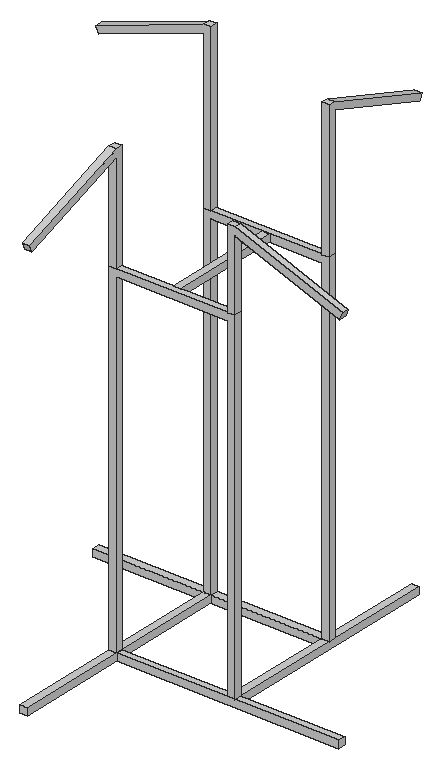
Revit family "FC45", category Specialty Equipment, Revit 2012
Parameters (values of type "4-Way Costumer - Slant Arm (Default)")
  URL = "http://madixinc.com/display/freestanding.html"
  Model = "4-Way Costumer - Slant Arm"
  Manufacturer = "© 2012 Madix, Inc. All rights reserved."
Reference planes (in)
  plane 1 "Center (Front/Back)": y = 0
  plane 2: z = 0
  plane 3 "Center (Left/Right)": x = 0
  plane 4: x = -7.75
  plane 5: x = 7.75
  plane 6: y = 7.75
  plane 7: y = -7.75
  plane 8: y = 7.75
  plane 9: y = -7.75
  plane 10: x = 7.75
  plane 11: x = -7.75
  plane 12: z = 1
  plane 13: z = 49
  plane 14: z = 72
  plane 15: z = 68
  plane 16: z = 64
  plane 17: z = 60
  plane 18: z = 64
  plane 19: z = 68
  plane 20: z = 72
Forms (in)
  Extrusion 1, solid, material "Metal - Steel"
    sketch origin (0, 0, 0) x (1, 0, 0) y (0, 1, 0)
      loop
        line (-8.75, 7.75) -> (-8.75, -24.25) -> (-7.75, -24.25) -> (-7.75, 7.75) -> (-8.75, 7.75)
      loop
        line (8.75, 23.30817) -> (7.75, 23.30817) -> (7.75, -7.75) -> (8.75, -7.75) -> (8.75, 23.30817)
    from 0 to 1
  Extrusion 2, solid, material "Metal - Steel"
    sketch origin (0, 0, 0) x (0, -1, 0) y (1, 0, 0)
      loop
        line (-8.75, 7.75) -> (-8.75, -24.25) -> (-7.75, -24.25) -> (-7.75, 7.75) -> (-8.75, 7.75)
      loop
        line (8.75, 23.30817) -> (7.75, 23.30817) -> (7.75, -7.75) -> (8.75, -7.75) -> (8.75, 23.30817)
    from 0 to 1
  Extrusion 3, solid, material "Metal - Steel"
    sketch origin (0, 0, 0) x (1, 0, 0) y (0, 0, 1)
      loop
        line (8.75, 1) -> (8.75, 49) -> (-8.75, 49) -> (-8.75, 1) -> (-7.75, 1) -> (-7.75, 48) -> (7.75, 48) -> (7.75, 1) -> (8.75, 1)
    from 7.75 to 8.75
  Extrusion 4, solid, material "Metal - Steel"
    sketch origin (0, 0, 0) x (1, 0, 0) y (0, 0, -1)
      loop
        line (8.75, -1) -> (7.75, -1) -> (7.75, -48) -> (-7.75, -48) -> (-7.75, -1) -> (-8.75, -1) -> (-8.75, -49) -> (8.75, -49) -> (8.75, -1)
    from 7.75 to 8.75
  Extrusion 5, solid, material "Metal - Steel"
    sketch origin (0, 0, 0) x (1, 0, 0) y (0, 1, 0)
      loop
        line (-0.5, 7.75) -> (-0.5, -7.75) -> (0.5, -7.75) -> (0.5, 7.75) -> (-0.5, 7.75)
    from 48 to 49
  Extrusion 6, solid, material "Metal - Steel"
    sketch origin (0, 0, 0) x (1, 0, 0) y (0, 0, 1)
      loop
        line (8.75, 49) -> (8.75, 60) -> (7.75, 60) -> (7.75, 49) -> (8.75, 49)
      loop
        line (-7.75, 49) -> (-7.75, 64) -> (-8.75, 64) -> (-8.75, 49) -> (-7.75, 49)
    from 7.75 to 8.75
  Extrusion 7, solid, material "Metal - Steel"
    sketch origin (0, 0, 0) x (1, 0, 0) y (0, 0, 1)
      loop
        line (8.75, 49) -> (8.75, 68) -> (7.75, 68) -> (7.75, 49) -> (8.75, 49)
      loop
        line (-7.75, 49) -> (-7.75, 72) -> (-8.75, 72) -> (-8.75, 49) -> (-7.75, 49)
    from -8.75 to -7.75
  Extrusion 8, solid, material "Metal - Steel"
    sketch origin (0, 0, 0) x (1, 0, 0) y (0, 0, 1)
      loop
        line (8.75, 60) -> (8.75, 58.93582) -> (23.44306, 53.58799) -> (23.78508, 54.52768) -> (8.75, 60)
    from 7.75 to 8.75
  Extrusion 9, solid, material "Metal - Steel"
    sketch origin (0, 0, 0) x (0, 1, 0) y (0, 0, 1)
      loop
        line (-8.75, 64) -> (-23.78508, 58.52768) -> (-23.44306, 57.58799) -> (-8.75, 62.93582) -> (-8.75, 64)
    from -8.75 to -7.75
  Extrusion 10, solid, material "Metal - Steel"
    sketch origin (0, 0, 0) x (1, 0, 0) y (0, 0, 1)
      loop
        line (-8.75, 72) -> (-23.78508, 66.52768) -> (-23.44306, 65.58799) -> (-8.75, 70.93582) -> (-8.75, 72)
    from -8.75 to -7.75
  Extrusion 11, solid, material "Metal - Steel"
    sketch origin (0, 0, 0) x (0, 1, 0) y (0, 0, 1)
      loop
        line (8.75, 68) -> (8.75, 66.93582) -> (23.44306, 61.58799) -> (23.78508, 62.52768) -> (8.75, 68)
    from 7.75 to 8.75
Cuts and joins
  joined: Extrusion 6, Extrusion 8, Extrusion 9
  joined: Extrusion 7, Extrusion 10, Extrusion 11
Dimensions and locks (in)
  aligned and locked: level to plane 2
